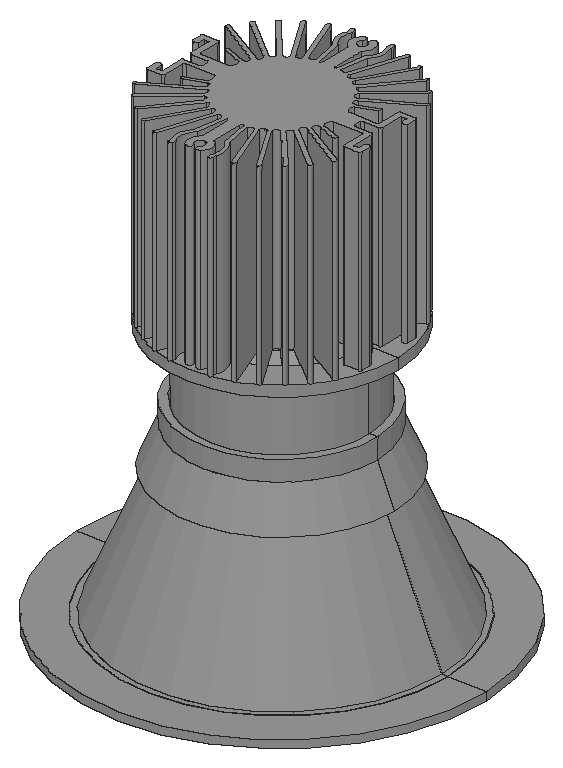
Revit family "Artemide_Everything_105", category Lighting Fixtures, Revit 2018
Family settings
  Round Connector Dimension = Use Diameter
  Part Type = Normal
  Work Plane-Based = Yes
  Always vertical = Yes
  Cut with Voids When Loaded = Yes
  Light Source = Yes
  Shared = No
  Room Calculation Point = No
Parameters (values of type "Everything_105_Round_Trim_25°_3000K_White/Black_M255820")
  Wattage = 13 W
  built-in parameter 1150110 = 1 (stored number, unit not read)
  Voltage = "-"
  V_TrimlessSquare = no
  V_TrimlessRound = no
  V_TrimSquare = no
  V_TrimRound = yes
  V_Square = no
  V_Round = yes
  built-in parameter 1114217 = 1 (stored number, unit not read)
  Tilt Angle = 60.00°
  built-in parameter 1150109 = 1 (stored number, unit not read)
  built-in parameter 1150134 = (empty or 0)
  built-in parameter 1150113 = 1 (stored number, unit not read)
  Radius_RoundVoidReal = if(V_Square, 0.3 mm, Radius_RoundVoid)  # 42.5 mm
  Radius_RoundVoid = 42.5 mm
  Product Range = "Everything"
  Photometric Web File = "M255820.IES"
  Min Angle Light [instance] = 60.00°  # constant formula
  Max Height from ceiling = 0 mm
  Max Angle Light [instance] = 120.00°  # constant formula
  M_TrimlessElement = Artemide_Aluminum_Anodized
  M_Trim = Artemide_Aluminum_White
  M_StructuralHousing = Artemide_Aluminum_Black
  M_Louvre = Artemide_Aluminum_Black
  M_HousingLed = Artemide_Aluminum_Black
  M_Diffuser = Artemide_Glass_LightBulb
  built-in parameter 1150105 = 68.246 (stored number, unit not read)
  Lumens = 857.61 lm
  built-in parameter 1150115 = 1 (stored number, unit not read)
  built-in parameter 1150137 = (empty or 0)
  built-in parameter 1150139 = (empty or 0)
  built-in parameter 1150112 = 1 (stored number, unit not read)
  built-in parameter 1150114 = 1 (stored number, unit not read)
  built-in parameter 1150132 = (empty or 0)
  built-in parameter 1150102 = (empty or 0)
  built-in parameter 1150107 = 3000 (stored number, unit not read)
  built-in parameter 1150138 = (empty or 0)
  built-in parameter 1150106 = 0.68246 (stored number, unit not read)
  IfcExportType = "NOT DEFINED"  # constant formula
  IfcExportAs = "IfcLightFixtureType"  # constant formula
  Weekly = "-"
  Warranty ID = "https://cloud.artemide.com/5-years-warranty"
  Upward Component  = 0
  Unified Glare Rating  = "-"
  Uniclass 2015 = "Pr_70_70_48"  # constant formula
  URL to O&M Manual = "https://www.artemide.com/contents/documenti/prodotto/everything_105_trim_instructions4838272.pdf"
  URL to Energy Technology List = "-"
  Trim Material = "Aluminium"
  Trim Finish = "Painted"
  Trim Colour  = "Black"
  Total Power = 0
  Total Light Output  = 0
  Testing method = "-"
  Supply Phase = 0
  Suitable for Photocell Control = "-"
  Suitable for Motion Detector Control = "N"
  Suitable for Dimming  = "-"
  Suitable Dimmer Type = "-"
  Standards = "-"
  Shipping Weight = 0
  Service life  = "-"
  Secondary Rated Lamp Life = 0
  Secondary Lamp Voltage = 0
  Secondary Lamp International Type Code = "-"
  Secondary Lamp Initial Lumens  = 0
  Secondary Lamp Included = "-"
  Secondary Lamp Efficacy = 0
  Secondary Lamp Colour Temperature = 0
  Secondary Lamp Colour Rendering Index = 0
  Secondary Lamp Cap = "-"
  Secondary Lamp = "N"
  Responsible Sourcing of Materials = "-"
  Responsible Extraction of Materials = "-"
  Reflector Material = "-"
  Reflector Finish = "-"
  Rated Lamp Life = 50000
  Quarterly = "-"
  Product Model Number = "M255820"
  Product Literature = "https://www.artemide.com/it/subfamily/2433436/everything-105-trim"
  Primary Lamp Type = "LED"
  Power Supply Kit = "-"
  Power Factor = 0
  Photocell = "-"
  Overall Width = 0
  Overall Light Output Ratio = 0
  Overall Length = 105
  Overall Height = 130
  Output Lumens Indirect light = 0
  Output Lumens Direct light = 858
  Number of Secondary Lamps = 0
  Number of Primary Lamps = 1
  Number of Poles = 0
  Motion Sensor = "-"
  Motion Detector = "-"
  Monthly = "-"
  Minimum Operating Temperature = 0
  Maximum Operating Temperature = 0
  Material Ingredient Reporting = "-"
  Manufacturer Website = "https://www.artemide.com"
  Manufacturer = "Artemide"
  Maintenance Required: 8001-12000hrs  = "-"
  Maintenance Required: 601-1000hrs = "-"
  Maintenance Required: 4001-8000hrs  = "-"
  Maintenance Required: 301-600hrs  = "-"
  Maintenance Required: 2001-4000hrs  = "-"
  Maintenance Required: 1001-2000hrs  = "-"
  Maintenance Required: 0-300hrs  = "-"
  Luminance at 65deg Angle = 0
  Luminaire Type = "Floodlight"
  Luminaire Maintenance Factor = 0
  Luminaire Cleaning Interval  = "-"
  Louvre/Lens = "-"
  Location of Manufacturer = "-"
  Light Output Pattern = "-"
  Light Fixture Mounting Type = "Recessed"
  Life Cycle Analysis = "-"
  Lamp Survival Factor = "-"
  Lamp Replacement Interval = "-"
  Lamp Included = "Y"
  Lamp Holder Material = "-"
  Lamp Cap = "LED Integrated"
  LED lifetime = 50000
  LED Maintained Colour Variation         = 0
  LED Initial Colour Variation                      = 0
  International Type Code = "-"
  Intended Market = "Unset"
  Integral Fuse or Circuit Protection  = "-"
  Integral Emergency Lighting Battery Type = "-"
  Input Lumens Indirect light = 0
  Input Lumens Direct light = 1390
  Initial Lumens = 858
  Infills = "-"
  IP Rating = "IP20/44"
  IK Rating = "-"
  IES Files  = "https://www.artemide.com/product/downloadFile/2435009/ieseu/4916585"
  Housing Material = "Aluminium"
  Housing Finish  = "Painted"
  Housing Colour  = "White"
  Hazardous Area Protection Type = "-"
  Hazardous Area Category = "-"
  Gross Weight = 0
  Green Guide for Specification = "-"
  Gasket Material = "-"
  Frequency  = 0
  Fixings = "-"
  Fixing Material = "-"
  Fire Shroud = "-"
  Fire Rating Duration = 0
  Fire Rated Temperature = 0
  Fire Rated = "-"
  Features = "Any additional components/accessories included in this file are required to complete the product/configuration and must be ordered separately.Please check the catalogue/dedicated brochure for more information"
  Face Width = 0
  Face Shape = "Round"
  Face Length = 0
  External Control Line Voltage = 0
  Expected Life = "-"
  Environmental Product Declaration = "-"
  End Caps/Transition Caps/Joints = "-"
  Emit from Circle Diameter = 37.9 mm
  Emit Shape Visible in Rendering = no
  Emergency light output percentage = 0
  Emergency Lighting Battery = "-"
  Emergency Charging Power       = 0
  Emergency = "N"
  Embodied Carbon  = 0
  Efficiency = 62
  built-in parameter 1150104 = 6.1288 (stored number, unit not read)
  Earth Point  = "-"
  ENEC Certification of European conformity = "N"
  Duration of Integral Emergency Lighting  = 0
  Drive Current                                          = 0
  Downward Component = 0
  Distance_SquareVoidReal = if(V_Round, 0.8 mm, Distance_SquareVoid)  # 0.8 mm
  Distance_SquareVoid = 85 mm
  Dimming Lamp Color Temperature Shift = <None>
  Diffusing screen = "-"
  Diffuser Material  = "-"
  Diffuser Finish = "-"
  Designed by = "Ernesto Gismondi"
  Default Elevation = 1219.2 mm
  Daylight Sensor = "-"
  Daily = "-"
  Cut Out Width = 80
  Cut Out Length = 130
  Current  = 0
  Control Gear Type = "-"
  Control Gear Standby Power  = 0
  Control Gear Required = "-"
  Control Gear Location = "-"
  Column = "-"
  Colour Temperature = 3000
  Colour Rendering Index = 90
  Color Filter = 16777215
  Cable Material = "-"
  CE Approval = "Y"
  Bespoke Timeframe = "-"
  Beam Angle Transverse Axis  = 0.00°
  Beam Angle Longditudinal Axis  = 0.00°
  Basis of lifetime luminaire failures        = 0
  Basis of lifetime lumen depreciation   = 0
  built-in parameter 1114218 = 1 (stored number, unit not read)
  built-in parameter 1150133 = 10 (stored number, unit not read)
  Application Environment = "Internal"
  Annually = "-"
  Angle_LightReal [instance] = if(not(Adjustable), 90.00°, Angle_LightRange)  # 90.00°
  Angle_LightRange [instance] = if(Angle_Light < Angle_LightMin, Min Angle Light, if(Angle_Light > Angle_LightMax, Max Angle Light, Angle_Light))  # 60.00°
  Angle_LightMin [instance] = Angle_LightMax - 60.00°  # 60.00°
  Angle_LightMax [instance] = 120.00°  # constant formula
  Angle_LightFixed [instance] = 90.00°  # constant formula
  Angle_Light [instance] = 60.00°
  Ambient Temperature                             = 0
  Air Handling = "-"
  Adjustable = no
  Access Clearance Top = 0
  Access Clearance Right = 0
  Access Clearance Rear = 0
  Access Clearance Left = 0
  Access Clearance Front = 0
  Access Clearance Bottom = 0
  6 Monthly = "-"
Reference planes
  plane 1 "Center (Front/Back)": y = 0
  plane 2: z = 0
  plane 3 "Center (Left/Right)": x = 0
  plane 4 "Bottom Lamp": z = -2
  plane 5: z = 0
  plane 6: z = 42.25
  plane 7: z = 33.432
  plane 8: z = 48.75
  plane 9 "Light": z = 43.25
  plane 10: z = 64.5
  plane 11: z = 66
  plane 12: z = 67.25
  plane 13: z = 68.75
  plane 14: z = 118.75
  plane 15: x = -52.5
  plane 16: x = -42.5
  plane 17: x = -39.858
  plane 18: x = -24.75
  plane 19: x = -22.75
  plane 20: x = -18.936
  plane 21: x = -22.325
  plane 22: x = -20.325
  plane 23: x = 52.5
  plane 24: x = 42.5
  plane 25: x = 39.858
  plane 26: x = 24.75
  plane 27: x = 22.75
  plane 28: x = 18.936
  plane 29: x = 22.325
  plane 30: x = 20.325
  plane 31: x = -66
  plane 32: x = -39
  plane 33: x = -38.209
  plane 34: x = -36.25
  plane 35: x = -37.924
  plane 36: x = 66
  plane 37: x = 39
  plane 38: x = 38.209
  plane 39: x = 36.25
  plane 40: x = 37.924
  plane 41: z = 2.8
  plane 42: z = 23.002
  plane 43: z = 35
  plane 44: z = 21
  plane 45: y = 39.9
  plane 46: y = -39.9
  plane 47: z = 38.7
  plane 48: y = 24.336
  plane 49: y = -24.336
  plane 50: x = -24.294
  plane 51: x = 24.294
  plane 52: y = 41.179
  plane 53: y = 43.806
  plane 54: y = 66
  plane 55 "Void": y = 0.4
  plane 56 "Void 2": y = -0.4
  plane 57 "Void 3": x = -0.4
  plane 58 "Void 4": x = 0.4
  plane 59: z = 2
Forms (mm)
  Revolve 1, solid, material "Artemide_Aluminum_Black" <- "M_Louvre", visible <- "V_Round"
    sketch origin (0, 0, 0) x (1, 0, 0) y (0, 0, 1)
      loop
        line (-42.5, 0) -> (-42.5, -2) -> (-39.858, -2) -> (-20.75, 42.25) -> (-22.711, 42.25) -> (-40.955, 0) -> (-42.5, 0)
      axis (0, 42.25) -> (0, -2)
    angle from 0 to 360
  Revolve 2, solid, material "Artemide_Aluminum_White" <- "M_Trim", visible <- "V_TrimRound"
    sketch origin (0, 0, 0) x (1, 0, 0) y (0, 0, 1)
      loop
        line (-52.5, 0) -> (-52.5, -2) -> (-42.5, -2) -> (-42.5, 0) -> (-52.5, 0)
      axis (0, 0) -> (0, -2)
    angle from 0 to 360
  Revolve 3, solid, material "Artemide_Aluminum_Black" <- "M_Louvre", visible <- "V_Round"
    sketch origin (0, 0, 0) x (1, 0, 0) y (0, 0, 1)
      loop
        line (-24.75, 48.75) -> (-24.75, 43.586) -> (-29.154, 33.432) -> (-27.501, 33.432) -> (-23.693, 42.25) -> (-22.75, 42.25) -> (-22.75, 48.75) -> (-24.75, 48.75)
      axis (0, 48.75) -> (0, 33.432)
    angle from 0 to 360
  Revolve 4, solid, material "Artemide_Aluminum_Black" <- "M_HousingLed"
    sketch origin (0, 0, 0) x (1, 0, 0) y (0, 0, 1)
      loop
        line (-30, 68.75) -> (-30, 66) -> (-22.325, 66) -> (-22.325, 42.25) -> (-18.936, 42.25) -> (-18.936, 48.75)
        arc (-18.936, 48.75) -> (-16.73, 57.655) -> (-10.621, 64.5) r 19.074
        line (-10.621, 64.5) -> (0, 64.5) -> (0, 66) -> (-11.07, 66)
        arc (-11.07, 66) -> (-17.304, 59.74) -> (-20.325, 51.437) r 20.503
        line (-20.325, 51.437) -> (-20.325, 67.25) -> (-22.325, 67.25) -> (-22.325, 68.75) -> (-30, 68.75)
      axis (0, 68.75) -> (0, 42.25)
    angle from 0 to 360
  Revolve 5, solid, material "Artemide_Glass_LightBulb" <- "M_Diffuser"
    sketch origin (0, 0, 0) x (1, 0, 0) y (0, 0, 1)
      loop
        line (-18.936, 43.25) -> (-18.936, 42.25) -> (0, 42.25) -> (0, 43.25) -> (-18.936, 43.25)
      axis (0, 43.25) -> (0, 42.25)
    angle from 0 to 360
  Extrusion 6, solid, material "Artemide_Aluminum_Black" <- "M_StructuralHousing"
    sketch origin (0, 0, 0) x (1, 0, 0) y (0, 1, 0)
      loop
        arc (-0.809, 26.953) -> (-0.708, 28.186) -> (-1.941, 28.287) r 0.875
        arc (-1.941, 28.287) -> (-2.988, 25.73) -> (-1.5, 23.402) r 3
        line (-1.5, 23.402) -> (-1.5, 15.462)
        arc (-1.5, 15.462) -> (-1.679, 15.03) -> (-2.111, 14.851) r 0.611
        line (-2.111, 14.851) -> (-3.436, 22.368)
        arc (-3.436, 22.368) -> (-4.924, 25.132) -> (-4.471, 28.238) r 5
        line (-4.471, 28.238) -> (-4.63, 29.139)
        arc (-4.63, 29.139) -> (-5.209, 29.544) -> (-5.615, 28.965) r 0.5
        line (-5.615, 28.965) -> (-5.615, 28.115)
        arc (-5.615, 28.115) -> (-5.883, 24.821) -> (-4.367, 21.885) r 6
        line (-4.367, 21.885) -> (-3.178, 15.146)
        arc (-3.178, 15.146) -> (-3.894, 14.532) -> (-4.82, 14.706) r 1.089
        line (-4.82, 14.706) -> (-9.62, 27.892)
        arc (-9.62, 27.892) -> (-10.261, 28.191) -> (-10.559, 27.549) r 0.5
        line (-10.559, 27.549) -> (-5.812, 14.505)
        arc (-5.812, 14.505) -> (-6.195, 13.451) -> (-7.301, 13.645) r 0.873
        line (-7.301, 13.645) -> (-14.317, 25.797)
        arc (-14.317, 25.797) -> (-15, 25.981) -> (-15.183, 25.298) r 0.5
        line (-15.183, 25.298) -> (-8.167, 13.145)
        arc (-8.167, 13.145) -> (-8.53, 12.182) -> (-9.559, 12.17) r 0.912
        line (-9.559, 12.17) -> (-18.579, 22.92)
        arc (-18.579, 22.92) -> (-19.284, 22.981) -> (-19.345, 22.277) r 0.5
        line (-19.345, 22.277) -> (-10.325, 11.528)
        arc (-10.325, 11.528) -> (-10.678, 10.678) -> (-11.528, 10.325) r 1.202
        line (-11.528, 10.325) -> (-22.277, 19.345)
        arc (-22.277, 19.345) -> (-22.981, 19.284) -> (-22.92, 18.579) r 0.5
        line (-22.92, 18.579) -> (-12.17, 9.559)
        arc (-12.17, 9.559) -> (-11.899, 8.546) -> (-12.759, 7.943) r 0.915
        line (-12.759, 7.943) -> (-25.298, 15.183)
        arc (-25.298, 15.183) -> (-25.981, 15) -> (-25.798, 14.317) r 0.5
        line (-25.798, 14.317) -> (-13.645, 7.301)
        arc (-13.645, 7.301) -> (-13.451, 6.195) -> (-14.505, 5.812) r 0.873
        line (-14.505, 5.812) -> (-19.33, 7.567)
        arc (-19.33, 7.567) -> (-19.97, 7.268) -> (-19.671, 6.628) r 0.5
        line (-19.671, 6.628) -> (-14.706, 4.82)
        arc (-14.706, 4.82) -> (-14.548, 3.572) -> (-15.207, 2.5) r 1.896
        line (-15.207, 2.5) -> (-22.5, 2.5)
        arc (-22.5, 2.5) -> (-22.854, 2.646) -> (-23, 3) r 0.5
        line (-23, 3) -> (-23, 8.5)
        arc (-23, 8.5) -> (-23.146, 8.854) -> (-23.5, 9) r 0.5
        line (-23.5, 9) -> (-27, 9)
        arc (-27, 9) -> (-27.354, 8.854) -> (-27.5, 8.5) r 0.5
        line (-27.5, 8.5) -> (-27.5, 6)
        arc (-27.5, 6) -> (-26.75, 5.459) -> (-26, 6) r 0.791
        line (-26, 6) -> (-26, 7.5) -> (-24.5, 7.5) -> (-24.5, 1.75)
        arc (-24.5, 1.75) -> (-24.354, 1.396) -> (-24, 1.25) r 0.5
        line (-24, 1.25) -> (-20, 1.25)
        arc (-20, 1.25) -> (-19.646, 1.104) -> (-19.5, 0.75) r 0.5
        line (-19.5, 0.75) -> (-19.5, -0.75)
        arc (-19.5, -0.75) -> (-19.646, -1.104) -> (-20, -1.25) r 0.5
        line (-20, -1.25) -> (-24, -1.25)
        arc (-24, -1.25) -> (-24.354, -1.396) -> (-24.5, -1.75) r 0.5
        line (-24.5, -1.75) -> (-24.5, -7.5) -> (-26, -7.5) -> (-26, -6)
        arc (-26, -6) -> (-26.75, -5.459) -> (-27.5, -6) r 0.791
        line (-27.5, -6) -> (-27.5, -8.5)
        arc (-27.5, -8.5) -> (-27.354, -8.854) -> (-27, -9) r 0.5
        line (-27, -9) -> (-23.5, -9)
        arc (-23.5, -9) -> (-23.146, -8.854) -> (-23, -8.5) r 0.5
        line (-23, -8.5) -> (-23, -3)
        arc (-23, -3) -> (-22.854, -2.646) -> (-22.5, -2.5) r 0.5
        line (-22.5, -2.5) -> (-15.207, -2.5)
        arc (-15.207, -2.5) -> (-14.548, -3.572) -> (-14.706, -4.82) r 1.896
        line (-14.706, -4.82) -> (-19.671, -6.628)
        arc (-19.671, -6.628) -> (-19.97, -7.268) -> (-19.33, -7.567) r 0.5
        line (-19.33, -7.567) -> (-14.505, -5.812)
        arc (-14.505, -5.812) -> (-13.451, -6.195) -> (-13.645, -7.301) r 0.873
        line (-13.645, -7.301) -> (-25.798, -14.317)
        arc (-25.798, -14.317) -> (-25.981, -15) -> (-25.298, -15.183) r 0.5
        line (-25.298, -15.183) -> (-12.733, -7.929)
        arc (-12.733, -7.929) -> (-11.876, -8.529) -> (-12.147, -9.54) r 0.912
        line (-12.147, -9.54) -> (-22.92, -18.579)
        arc (-22.92, -18.579) -> (-22.981, -19.284) -> (-22.277, -19.345) r 0.5
        line (-22.277, -19.345) -> (-11.528, -10.325)
        arc (-11.528, -10.325) -> (-10.678, -10.678) -> (-10.325, -11.528) r 1.202
        line (-10.325, -11.528) -> (-19.345, -22.277)
        arc (-19.345, -22.277) -> (-19.284, -22.981) -> (-18.579, -22.92) r 0.5
        line (-18.579, -22.92) -> (-9.559, -12.17)
        arc (-9.559, -12.17) -> (-8.53, -12.182) -> (-8.167, -13.145) r 0.912
        line (-8.167, -13.145) -> (-15.183, -25.298)
        arc (-15.183, -25.298) -> (-15, -25.981) -> (-14.317, -25.797) r 0.5
        line (-14.317, -25.797) -> (-7.301, -13.645)
        arc (-7.301, -13.645) -> (-6.195, -13.451) -> (-5.812, -14.505) r 0.873
        line (-5.812, -14.505) -> (-10.559, -27.549)
        arc (-10.559, -27.549) -> (-10.261, -28.191) -> (-9.62, -27.892) r 0.5
        line (-9.62, -27.892) -> (-4.82, -14.706)
        arc (-4.82, -14.706) -> (-3.894, -14.532) -> (-3.178, -15.146) r 1.089
        line (-3.178, -15.146) -> (-4.367, -21.885)
        arc (-4.367, -21.885) -> (-5.883, -24.821) -> (-5.615, -28.115) r 6
        line (-5.615, -28.115) -> (-5.615, -28.965)
        arc (-5.615, -28.965) -> (-5.209, -29.544) -> (-4.63, -29.139) r 0.5
        line (-4.63, -29.139) -> (-4.471, -28.238)
        arc (-4.471, -28.238) -> (-4.924, -25.132) -> (-3.436, -22.368) r 5
        line (-3.436, -22.368) -> (-2.111, -14.851)
        arc (-2.111, -14.851) -> (-1.679, -15.03) -> (-1.5, -15.462) r 0.611
        line (-1.5, -15.462) -> (-1.5, -23.402)
        arc (-1.5, -23.402) -> (-2.988, -25.73) -> (-1.941, -28.287) r 3
        arc (-1.941, -28.287) -> (-0.708, -28.186) -> (-0.809, -26.953) r 0.875
        arc (-0.809, -26.953) -> (0, -24.75) -> (0.809, -26.953) r 1.25
        arc (0.809, -26.953) -> (0.708, -28.186) -> (1.941, -28.287) r 0.875
        arc (1.941, -28.287) -> (2.988, -25.73) -> (1.5, -23.402) r 3
        line (1.5, -23.402) -> (1.5, -15.462)
        arc (1.5, -15.462) -> (1.679, -15.03) -> (2.111, -14.851) r 0.611
        line (2.111, -14.851) -> (3.436, -22.368)
        arc (3.436, -22.368) -> (4.924, -25.132) -> (4.471, -28.238) r 5
        line (4.471, -28.238) -> (4.63, -29.139)
        arc (4.63, -29.139) -> (5.209, -29.544) -> (5.615, -28.965) r 0.5
        line (5.615, -28.965) -> (5.615, -28.115)
        arc (5.615, -28.115) -> (5.883, -24.821) -> (4.367, -21.885) r 6
        line (4.367, -21.885) -> (3.178, -15.146)
        arc (3.178, -15.146) -> (3.894, -14.532) -> (4.82, -14.706) r 1.089
        line (4.82, -14.706) -> (9.62, -27.892)
        arc (9.62, -27.892) -> (10.261, -28.191) -> (10.559, -27.549) r 0.5
        line (10.559, -27.549) -> (5.812, -14.505)
        arc (5.812, -14.505) -> (6.195, -13.451) -> (7.301, -13.645) r 0.873
        line (7.301, -13.645) -> (14.317, -25.797)
        arc (14.317, -25.797) -> (15, -25.981) -> (15.183, -25.298) r 0.5
        line (15.183, -25.298) -> (8.167, -13.145)
        arc (8.167, -13.145) -> (8.53, -12.182) -> (9.559, -12.17) r 0.912
        line (9.559, -12.17) -> (18.579, -22.92)
        arc (18.579, -22.92) -> (19.284, -22.981) -> (19.345, -22.277) r 0.5
        line (19.345, -22.277) -> (10.325, -11.528)
        arc (10.325, -11.528) -> (10.678, -10.678) -> (11.528, -10.325) r 1.202
        line (11.528, -10.325) -> (22.277, -19.345)
        arc (22.277, -19.345) -> (22.981, -19.284) -> (22.92, -18.579) r 0.5
        line (22.92, -18.579) -> (12.147, -9.54)
        arc (12.147, -9.54) -> (11.876, -8.529) -> (12.733, -7.929) r 0.912
        line (12.733, -7.929) -> (25.298, -15.183)
        arc (25.298, -15.183) -> (25.981, -15) -> (25.798, -14.317) r 0.5
        line (25.798, -14.317) -> (13.645, -7.301)
        arc (13.645, -7.301) -> (13.451, -6.195) -> (14.505, -5.812) r 0.873
        line (14.505, -5.812) -> (19.33, -7.567)
        arc (19.33, -7.567) -> (19.97, -7.268) -> (19.671, -6.628) r 0.5
        line (19.671, -6.628) -> (14.706, -4.82)
        arc (14.706, -4.82) -> (14.548, -3.572) -> (15.207, -2.5) r 1.896
        line (15.207, -2.5) -> (22.5, -2.5)
        arc (22.5, -2.5) -> (22.854, -2.646) -> (23, -3) r 0.5
        line (23, -3) -> (23, -8.5)
        arc (23, -8.5) -> (23.146, -8.854) -> (23.5, -9) r 0.5
        line (23.5, -9) -> (27, -9)
        arc (27, -9) -> (27.354, -8.854) -> (27.5, -8.5) r 0.5
        line (27.5, -8.5) -> (27.5, -6)
        arc (27.5, -6) -> (26.75, -5.459) -> (26, -6) r 0.791
        line (26, -6) -> (26, -7.5) -> (24.5, -7.5) -> (24.5, -1.75)
        arc (24.5, -1.75) -> (24.354, -1.396) -> (24, -1.25) r 0.5
        line (24, -1.25) -> (20, -1.25)
        arc (20, -1.25) -> (19.646, -1.104) -> (19.5, -0.75) r 0.5
        line (19.5, -0.75) -> (19.5, 0.75)
        arc (19.5, 0.75) -> (19.646, 1.104) -> (20, 1.25) r 0.5
        line (20, 1.25) -> (24, 1.25)
        arc (24, 1.25) -> (24.354, 1.396) -> (24.5, 1.75) r 0.5
        line (24.5, 1.75) -> (24.5, 7.5) -> (26, 7.5) -> (26, 6)
        arc (26, 6) -> (26.75, 5.459) -> (27.5, 6) r 0.791
        line (27.5, 6) -> (27.5, 8.5)
        arc (27.5, 8.5) -> (27.354, 8.854) -> (27, 9) r 0.5
        line (27, 9) -> (23.5, 9)
        arc (23.5, 9) -> (23.146, 8.854) -> (23, 8.5) r 0.5
        line (23, 8.5) -> (23, 3)
        arc (23, 3) -> (22.854, 2.646) -> (22.5, 2.5) r 0.5
        line (22.5, 2.5) -> (15.207, 2.5)
        arc (15.207, 2.5) -> (14.548, 3.572) -> (14.706, 4.82) r 1.896
        line (14.706, 4.82) -> (19.671, 6.628)
        arc (19.671, 6.628) -> (19.97, 7.268) -> (19.33, 7.567) r 0.5
        line (19.33, 7.567) -> (14.505, 5.812)
        arc (14.505, 5.812) -> (13.451, 6.195) -> (13.645, 7.301) r 0.873
        line (13.645, 7.301) -> (25.798, 14.317)
        arc (25.798, 14.317) -> (25.981, 15) -> (25.298, 15.183) r 0.5
        line (25.298, 15.183) -> (12.759, 7.943)
        arc (12.759, 7.943) -> (11.899, 8.546) -> (12.17, 9.559) r 0.915
        line (12.17, 9.559) -> (22.92, 18.579)
        arc (22.92, 18.579) -> (22.981, 19.284) -> (22.277, 19.345) r 0.5
        line (22.277, 19.345) -> (11.528, 10.325)
        arc (11.528, 10.325) -> (10.678, 10.678) -> (10.325, 11.528) r 1.202
        line (10.325, 11.528) -> (19.345, 22.277)
        arc (19.345, 22.277) -> (19.284, 22.981) -> (18.579, 22.92) r 0.5
        line (18.579, 22.92) -> (9.559, 12.17)
        arc (9.559, 12.17) -> (8.53, 12.182) -> (8.167, 13.145) r 0.912
        line (8.167, 13.145) -> (15.183, 25.298)
        arc (15.183, 25.298) -> (15, 25.981) -> (14.317, 25.797) r 0.5
        line (14.317, 25.797) -> (7.301, 13.645)
        arc (7.301, 13.645) -> (6.195, 13.451) -> (5.812, 14.505) r 0.873
        line (5.812, 14.505) -> (10.559, 27.549)
        arc (10.559, 27.549) -> (10.261, 28.191) -> (9.62, 27.892) r 0.5
        line (9.62, 27.892) -> (4.82, 14.706)
        arc (4.82, 14.706) -> (3.894, 14.532) -> (3.178, 15.146) r 1.089
        line (3.178, 15.146) -> (4.367, 21.885)
        arc (4.367, 21.885) -> (5.883, 24.821) -> (5.615, 28.115) r 6
        line (5.615, 28.115) -> (5.615, 28.965)
        arc (5.615, 28.965) -> (5.209, 29.544) -> (4.63, 29.139) r 0.5
        line (4.63, 29.139) -> (4.471, 28.238)
        arc (4.471, 28.238) -> (4.924, 25.132) -> (3.436, 22.368) r 5
        line (3.436, 22.368) -> (2.111, 14.851)
        arc (2.111, 14.851) -> (1.679, 15.03) -> (1.5, 15.462) r 0.611
        line (1.5, 15.462) -> (1.5, 23.402)
        arc (1.5, 23.402) -> (2.988, 25.73) -> (1.941, 28.287) r 3
        arc (1.941, 28.287) -> (0.708, 28.186) -> (0.809, 26.953) r 0.875
        arc (0.809, 26.953) -> (0, 24.75) -> (-0.809, 26.953) r 1.25
    from 68.75 to 118.75
  Revolve 7, solid, material "Artemide_Aluminum_Anodized" <- "M_TrimlessElement", visible <- "V_TrimlessRound"
    sketch origin (0, 0, 0) x (1, 0, 0) y (0, 0, 1)
      loop
        line (-66, 2) -> (-41.316, 2) -> (-37.924, 12.838) -> (-37.924, 21) -> (-36.25, 21) -> (-36.25, 22) -> (-37.252, 23.002) -> (-38.209, 23.002) -> (-38.209, 35) -> (-39, 35) -> (-39, 23.002) -> (-39.858, 23.002) -> (-39.858, 13.371) -> (-42.965, 4.835) -> (-45, 2.8) -> (-66, 2.8) -> (-66, 2)
      axis (0, 35) -> (0, 2)
    angle from 0 to 360
  Sweep 8, solid, material "Artemide_Aluminum_Black" <- "M_Louvre", visible <- "V_Square"
    path origin (-52.5, -1524, -2) x (-1, 0, 0) y (0, -1, 0)
      loop
        line (-12.642, -1563.9) -> (-12.642, -1484.1) -> (-92.358, -1484.1) -> (-92.358, -1563.9) -> (-12.642, -1563.9)
    profile origin (0, 39.9, -2) x (0, 1, 0) y (0, 0, 1)
      loop
        line (-0.15, 0) -> (2.6, 0) -> (2.6, 2) -> (1.465, 2)
        arc (1.465, 2) -> (-3.385, 22.963) -> (-15.564, 40.7) r 57.812
        line (-15.564, 40.7) -> (-18.221, 40.7)
        arc (-18.221, 40.7) -> (-5.149, 22.142) -> (-0.15, 0) r 58.336
  Sweep 9, solid, material "Artemide_Aluminum_White" <- "M_Trim", visible <- "V_TrimSquare"
    path origin (-52.5, -1524, -2) x (-1, 0, 0) y (0, -1, 0)
      loop
        line (-12.642, -1563.9) -> (-12.642, -1484.1) -> (-92.358, -1484.1) -> (-92.358, -1563.9) -> (-12.642, -1563.9)
    profile origin (0, 39.9, -2) x (0, 1, 0) y (0, 0, 1)
      loop
        line (12.6, 0) -> (12.6, 2) -> (2.6, 2) -> (2.6, 0) -> (12.6, 0)
  Extrusion 10, solid, material "Artemide_Aluminum_Black" <- "M_Louvre", visible <- "V_Square"
    sketch origin (-52.5, -1524, -2) x (-1, 0, 0) y (0, -1, 0)
      loop
        line (-28.206, -1548.336) -> (-28.206, -1499.664) -> (-76.794, -1499.664) -> (-76.794, -1548.336) -> (-28.206, -1548.336)
      loop
        circle (-52.5, -1524) r 18.936
    from 40.7 to 44.25
  Sweep 11, solid, material "Artemide_Aluminum_Anodized" <- "M_TrimlessElement", visible <- "V_TrimlessSquare"
    path origin (-52.5, -1524, -2) x (-1, 0, 0) y (0, -1, 0)
      loop
        line (-12.642, -1563.9) -> (-12.642, -1484.1) -> (-92.358, -1484.1) -> (-92.358, -1563.9) -> (-12.642, -1563.9)
    profile origin (0, 39.9, -2) x (0, 1, 0) y (0, 0, 1)
      loop
        line (26.1, 4) -> (26.1, 4.8) -> (5.6, 4.8) -> (3.906, 6.494) -> (3.906, 40.7) -> (1.279, 40.7) -> (1.919, 4) -> (26.1, 4)
  Extrusion 12, void
    sketch origin (-52.5, -1524, -2) x (-1, 0, 0) y (0, -1, 0)
      loop
        circle (-52.5, -1524) r 42.5
    from 2 to 120.75
  Extrusion 13, void
    sketch origin (-52.5, -1524, -2) x (-1, 0, 0) y (0, -1, 0)
      loop
        line (-52.1, -1524.4) -> (-52.1, -1523.6) -> (-52.9, -1523.6) -> (-52.9, -1524.4) -> (-52.1, -1524.4)
    from 2 to 120.75
Cuts and joins
  joined: Sweep 8, Extrusion 10
Dimensions and locks
  locked: plane 5 to plane 4 "Bottom Lamp" at 2
  locked: plane 14 to plane 5 at 118.75
  plane 14 to plane 13 to plane 12 to plane 11 to plane 10 to plane 8 to plane 9 "Light" to plane 6 to plane 43 to plane 7 to plane 42 to plane 44 to plane 41 to plane 59 = 50 mm locked, 1.5 mm locked, 1.25 mm locked, 1.5 mm locked, 15.75 mm locked, 5.5 mm locked, 1 mm locked, 7.25 mm locked, 1.568 mm locked, 10.429 mm locked, 2.002 mm locked, 18.2 mm locked, 0.8 mm locked
  plane 3 "Center (Left/Right)" to plane 20 to plane 22 to plane 21 to plane 19 to plane 18 to plane 34 to plane 35 to plane 33 to plane 32 to plane 17 to plane 16 to plane 15 to plane 31 = 18.936 mm locked, 1.389 mm locked, 2 mm locked, 0.425 mm locked, 2 mm locked, 11.5 mm locked, 1.674 mm locked, 0.286 mm locked, 0.791 mm locked, 0.858 mm locked, 2.642 mm locked, 10 mm locked, 13.5 mm locked
  plane 3 "Center (Left/Right)" to plane 28 to plane 30 to plane 29 to plane 27 to plane 26 to plane 39 to plane 40 to plane 38 to plane 37 to plane 25 to plane 24 to plane 23 to plane 36 = 18.936 mm locked, 1.389 mm locked, 2 mm locked, 0.425 mm locked, 2 mm locked, 11.5 mm locked, 1.674 mm locked, 0.286 mm locked, 0.791 mm locked, 0.858 mm locked, 2.642 mm locked, 10 mm locked, 13.5 mm locked
  plane 45 to plane 48 to plane 1 "Center (Front/Back)" = 15.564 mm locked, 24.336 mm locked
  plane 46 to plane 49 to plane 1 "Center (Front/Back)" = 15.564 mm locked, 24.336 mm locked
  locked: plane 47 to level at 38.7
  locked: plane 50 to plane 3 "Center (Left/Right)" at 24.294
  locked: plane 51 to plane 3 "Center (Left/Right)" at 24.294
  plane 54 to plane 53 to plane 52 to plane 1 "Center (Front/Back)" = 22.194 mm locked, 2.627 mm locked, 41.179 mm locked
  equal spacing: plane 56 "Void 2", plane 1 "Center (Front/Back)", plane 55 "Void"
  "Distance_SquareVoidReal": plane 55 "Void" to plane 56 "Void 2"
  equal spacing: plane 57 "Void 3", plane 3 "Center (Left/Right)", plane 58 "Void 4"
  "Distance_SquareVoidReal": plane 57 "Void 3" to plane 58 "Void 4"
  "Radius_RoundVoidReal": radius of Extrusion 12 sketch curve
  aligned and locked: level to plane 2
  aligned and locked: plane 6 to Revolve 1 sketch curve
  aligned and locked: Revolve 1 sketch curve to plane 5
  aligned and locked: Revolve 1 sketch curve to plane 4 "Bottom Lamp"
  aligned and locked: plane 16 to Revolve 1 sketch curve
  aligned and locked: Revolve 1 sketch curve to plane 3 "Center (Left/Right)"
  aligned and locked: Revolve 2 sketch curve to plane 15
  aligned and locked: Revolve 2 sketch curve to plane 5
  aligned and locked: plane 16 to Revolve 2 sketch curve
  aligned and locked: plane 4 "Bottom Lamp" to Revolve 2 sketch curve
  aligned and locked: Revolve 2 sketch curve to plane 3 "Center (Left/Right)"
  aligned and locked: Revolve 3 sketch curve to plane 8
  aligned and locked: plane 19 to Revolve 3 sketch curve
  aligned and locked: plane 6 to Revolve 3 sketch curve
  aligned and locked: plane 7 to Revolve 3 sketch curve
  aligned and locked: Revolve 3 sketch curve to plane 18
  aligned and locked: Revolve 3 sketch curve to plane 3 "Center (Left/Right)"
  aligned and locked: plane 13 to Revolve 4 sketch curve
  aligned and locked: Revolve 4 sketch curve to plane 21
  aligned and locked: plane 12 to Revolve 4 sketch curve
  aligned and locked: Revolve 4 sketch curve to plane 22
  aligned and locked: plane 11 to Revolve 4 sketch curve
  aligned and locked: plane 3 "Center (Left/Right)" to Revolve 4 sketch curve
  aligned and locked: Revolve 4 sketch curve to plane 10
  aligned and locked: Revolve 4 sketch curve to plane 20
  aligned and locked: Revolve 4 sketch curve to plane 6
  aligned and locked: plane 21 to Revolve 4 sketch curve
  aligned and locked: Revolve 4 sketch curve to plane 11
  aligned and locked: Revolve 4 sketch curve to plane 3 "Center (Left/Right)"
  aligned and locked: Revolve 5 sketch curve to plane 20
  aligned and locked: Revolve 5 sketch curve to plane 9 "Light"
  aligned and locked: Revolve 5 sketch curve to plane 3 "Center (Left/Right)"  (x2)
  aligned and locked: plane 6 to Revolve 5 sketch curve
  aligned and locked: Extrusion 6 to plane 13
  aligned and locked: plane 14 to Extrusion 6
  aligned and locked: Revolve 7 sketch curve to plane 31
  aligned and locked: Revolve 7 sketch curve to plane 41
  aligned and locked: Revolve 7 sketch curve to plane 42  (x2)
  aligned and locked: Revolve 7 sketch curve to plane 43
  aligned and locked: Revolve 7 sketch curve to plane 17
  aligned and locked: Revolve 7 sketch curve to plane 32
  aligned and locked: plane 33 to Revolve 7 sketch curve
  aligned and locked: plane 34 to Revolve 7 sketch curve
  aligned and locked: plane 44 to Revolve 7 sketch curve
  aligned and locked: plane 35 to Revolve 7 sketch curve
  aligned and locked: Revolve 7 sketch curve to plane 3 "Center (Left/Right)"
  aligned and locked: Sweep 8 sketch curve to plane 25
  aligned and locked: Sweep 8 sketch curve to plane 46
  aligned and locked: Sweep 8 sketch curve to plane 17
  aligned and locked: Sweep 8 sketch curve to plane 45
  aligned and locked: plane 4 "Bottom Lamp" to Sweep 8 sketch curve
  aligned and locked: Sweep 8 sketch curve to plane 5
  aligned and locked: Sweep 8 sketch curve to plane 47
  aligned and locked: Sweep 9 sketch curve to plane 25
  aligned and locked: Sweep 9 sketch curve to plane 46
  aligned and locked: Sweep 9 sketch curve to plane 17
  aligned and locked: Sweep 9 sketch curve to plane 45
  aligned and locked: plane 5 to Sweep 9 sketch curve
  aligned and locked: Sweep 9 sketch curve to plane 4 "Bottom Lamp"
  aligned and locked: plane 3 "Center (Left/Right)" to Extrusion 10 sketch curve
  aligned and locked: plane 1 "Center (Front/Back)" to Extrusion 10 sketch curve
  aligned and locked: Extrusion 10 sketch curve to plane 48
  aligned and locked: Extrusion 10 sketch curve to plane 50
  aligned and locked: Extrusion 10 sketch curve to plane 51
  aligned and locked: Extrusion 10 sketch curve to plane 49
  aligned and locked: Extrusion 10 to plane 47
  aligned and locked: plane 6 to Extrusion 10
  aligned and locked: Sweep 11 sketch curve to plane 25
  aligned and locked: Sweep 11 sketch curve to plane 46
  aligned and locked: Sweep 11 sketch curve to plane 17
  aligned and locked: Sweep 11 sketch curve to plane 45
  aligned and locked: Sweep 11 sketch curve to plane 54
  aligned and locked: Sweep 11 sketch curve to plane 41
  aligned and locked: Sweep 11 sketch curve to plane 53
  aligned and locked: Sweep 11 sketch curve to plane 47
  aligned and locked: plane 3 "Center (Left/Right)" to Extrusion 12 sketch curve
  aligned and locked: plane 1 "Center (Front/Back)" to Extrusion 12 sketch curve
  aligned and locked: Extrusion 12 to plane 5
  aligned and locked: plane 14 to Extrusion 12
  aligned and locked: Extrusion 13 sketch curve to plane 56 "Void 2"
  aligned and locked: Extrusion 13 sketch curve to plane 58 "Void 4"
  aligned and locked: Extrusion 13 sketch curve to plane 55 "Void"
  aligned and locked: Extrusion 13 sketch curve to plane 57 "Void 3"
  aligned and locked: Extrusion 13 to plane 5
  aligned and locked: plane 14 to Extrusion 13
  aligned and locked: imposter light to plane 9 "Light"
  aligned and locked: plane 59 to Sweep 11 sketch curve
  aligned and locked: Revolve 7 sketch curve to plane 59
  aligned and locked: plane 3 "Center (Left/Right)" to imposter light
  aligned and locked: plane 1 "Center (Front/Back)" to imposter light
Automatic sketch dimensions
  plane 17 to Revolve 1 sketch curve = 0 mm
  plane 17 to Revolve 1 sketch curve = 1.097 mm
  Revolve 1 sketch curve to plane 19 = 0.039 mm
  plane 22 to Revolve 1 sketch curve = 0.425 mm
  Revolve 1 sketch curve to plane 4 "Bottom Lamp" = 364.045 mm
  plane 14 to Revolve 1 sketch curve = 2095.565 mm
  Revolve 2 sketch curve to plane 4 "Bottom Lamp" = 364.045 mm
  plane 14 to Revolve 2 sketch curve = 2095.565 mm
  plane 18 to Revolve 3 sketch curve = 2.751 mm
  Revolve 3 sketch curve to Revolve 3 sketch curve = 1.654 mm
  Revolve 3 sketch curve to plane 50 = 0.601 mm
  plane 9 "Light" to Revolve 3 sketch curve = 0.336 mm
  Revolve 3 sketch curve to plane 4 "Bottom Lamp" = 364.045 mm
  plane 14 to Revolve 3 sketch curve = 2095.565 mm
  Revolve 4 sketch curve to plane 3 "Center (Left/Right)" = 0 mm
  Revolve 4 sketch curve to plane 8 = 0 mm
  plane 18 to Revolve 4 sketch curve = 5.25 mm
  Revolve 4 sketch curve to plane 20 = 7.866 mm
  Revolve 4 sketch curve to Revolve 4 sketch curve = 0.449 mm
  Revolve 4 sketch curve to plane 8 = 0.008 mm
  Revolve 4 sketch curve to plane 4 "Bottom Lamp" = 364.045 mm
  plane 14 to Revolve 4 sketch curve = 2095.565 mm
  Revolve 5 sketch curve to plane 4 "Bottom Lamp" = 364.045 mm
  plane 14 to Revolve 5 sketch curve = 2095.565 mm
  Extrusion 6 sketch curve to Extrusion 6 sketch curve = 0 mm  (x99)
  Extrusion 6 sketch curve to plane 3 "Center (Left/Right)" = 0 mm  (x2)
  Extrusion 6 sketch curve to plane 3 "Center (Left/Right)" = 1.375 mm  (x2)
  Extrusion 6 sketch curve to plane 48 = 0.934 mm  (x2)
  Extrusion 6 sketch curve to plane 3 "Center (Left/Right)" = 1.5 mm  (x2)
  Extrusion 6 sketch curve to Extrusion 6 sketch curve = 0.611 mm  (x4)
  Extrusion 6 sketch curve to Extrusion 6 sketch curve = 1.067 mm  (x4)
  Extrusion 6 sketch curve to plane 48 = 1.968 mm
  Extrusion 6 sketch curve to Extrusion 6 sketch curve = 1.936 mm  (x4)
  Extrusion 6 sketch curve to plane 49 = 1.968 mm
  Extrusion 6 sketch curve to Extrusion 6 sketch curve = 0.997 mm  (x4)
  Extrusion 6 sketch curve to plane 48 = 2.451 mm  (x2)
  Extrusion 6 sketch curve to Extrusion 6 sketch curve = 0.93 mm  (x4)
  Extrusion 6 sketch curve to plane 49 = 2.451 mm
  Extrusion 6 sketch curve to Extrusion 6 sketch curve = 3.096 mm  (x4)
  Extrusion 6 sketch curve to Extrusion 6 sketch curve = 0.159 mm  (x4)
  Extrusion 6 sketch curve to Extrusion 6 sketch curve = 0.645 mm  (x4)
  Extrusion 6 sketch curve to Extrusion 6 sketch curve = 0.492 mm  (x8)
  Extrusion 6 sketch curve to Extrusion 6 sketch curve = 0.991 mm  (x8)
  Extrusion 6 sketch curve to Extrusion 6 sketch curve = 0.82 mm  (x6)
  Extrusion 6 sketch curve to Extrusion 6 sketch curve = 0.669 mm  (x6)
  Extrusion 6 sketch curve to Extrusion 6 sketch curve = 0.866 mm  (x4)
  Extrusion 6 sketch curve to Extrusion 6 sketch curve = 0.886 mm  (x4)
  Extrusion 6 sketch curve to Extrusion 6 sketch curve = 0.506 mm  (x4)
  Extrusion 6 sketch curve to Extrusion 6 sketch curve = 4.475 mm  (x4)
  Extrusion 6 sketch curve to Extrusion 6 sketch curve = 0.766 mm  (x6)
  plane 48 to Extrusion 6 sketch curve = 3.213 mm  (x2)
  Extrusion 6 sketch curve to Extrusion 6 sketch curve = 0.47 mm  (x12)
  plane 49 to Extrusion 6 sketch curve = 3.213 mm  (x2)
  Extrusion 6 sketch curve to Extrusion 6 sketch curve = 1.202 mm  (x4)
  Extrusion 6 sketch curve to Extrusion 6 sketch curve = 0.619 mm  (x2)
  Extrusion 6 sketch curve to Extrusion 6 sketch curve = 0.643 mm  (x8)
  Extrusion 6 sketch curve to Extrusion 6 sketch curve = 0.586 mm  (x3)
  Extrusion 6 sketch curve to Extrusion 6 sketch curve = 0.588 mm  (x3)
  Extrusion 6 sketch curve to Extrusion 6 sketch curve = 0.912 mm  (x2)
  Extrusion 6 sketch curve to Extrusion 6 sketch curve = 0.887 mm  (x2)
  Extrusion 6 sketch curve to Extrusion 6 sketch curve = 0.561 mm  (x6)
  plane 49 to Extrusion 6 sketch curve = 1.461 mm  (x2)
  Extrusion 6 sketch curve to Extrusion 6 sketch curve = 3.757 mm  (x4)
  plane 48 to Extrusion 6 sketch curve = 1.461 mm  (x2)
  Extrusion 6 sketch curve to Extrusion 6 sketch curve = 0.299 mm  (x6)
  Extrusion 6 sketch curve to Extrusion 6 sketch curve = 0.201 mm  (x8)
  Extrusion 6 sketch curve to Extrusion 6 sketch curve = 0.433 mm  (x12)
  plane 48 to Extrusion 6 sketch curve = 0.962 mm  (x2)
  plane 49 to Extrusion 6 sketch curve = 0.962 mm  (x2)
  Extrusion 6 sketch curve to Extrusion 6 sketch curve = 0.501 mm  (x4)
  Extrusion 6 sketch curve to Extrusion 6 sketch curve = 1.195 mm
  Extrusion 6 sketch curve to Extrusion 6 sketch curve = 1.696 mm  (x3)
  Extrusion 6 sketch curve to plane 20 = 0.357 mm  (x2)
  plane 20 to Extrusion 6 sketch curve = 0.026 mm  (x2)
  plane 20 to Extrusion 6 sketch curve = 0.394 mm  (x2)
  plane 20 to Extrusion 6 sketch curve = 0.409 mm  (x2)
  Extrusion 6 sketch curve to Extrusion 6 sketch curve = 0.17 mm  (x4)
  plane 20 to Extrusion 6 sketch curve = 0.564 mm
  Extrusion 6 sketch curve to plane 22 = 0.325 mm  (x2)
  Extrusion 6 sketch curve to plane 21 = 0.048 mm  (x2)
  plane 21 to Extrusion 6 sketch curve = 0.175 mm  (x2)
  Extrusion 6 sketch curve to plane 19 = 0.152 mm  (x2)
  plane 19 to Extrusion 6 sketch curve = 0.17 mm  (x2)
  plane 19 to Extrusion 6 sketch curve = 0.25 mm  (x2)
  Extrusion 6 sketch curve to Extrusion 6 sketch curve = 0.5 mm  (x9)
  Extrusion 6 sketch curve to plane 50 = 0.294 mm  (x2)
  plane 50 to Extrusion 6 sketch curve = 0.206 mm  (x2)
  plane 18 to Extrusion 6 sketch curve = 0.548 mm  (x2)
  Extrusion 6 sketch curve to Extrusion 6 sketch curve = 0.25 mm  (x12)
  plane 18 to Extrusion 6 sketch curve = 1.25 mm  (x2)
  Extrusion 6 sketch curve to Extrusion 6 sketch curve = 0.75 mm  (x8)
  Extrusion 6 sketch curve to Extrusion 6 sketch curve = 1 mm  (x8)
  plane 3 "Center (Left/Right)" to Extrusion 6 sketch curve = 1.375 mm  (x2)
  plane 3 "Center (Left/Right)" to Extrusion 6 sketch curve = 1.5 mm  (x2)
  Extrusion 6 sketch curve to plane 28 = 0.357 mm  (x2)
  plane 28 to Extrusion 6 sketch curve = 0.026 mm  (x2)
  plane 28 to Extrusion 6 sketch curve = 0.394 mm  (x2)
  plane 28 to Extrusion 6 sketch curve = 0.409 mm  (x2)
  plane 28 to Extrusion 6 sketch curve = 0.564 mm
  Extrusion 6 sketch curve to plane 30 = 0.325 mm  (x2)
  Extrusion 6 sketch curve to plane 29 = 0.048 mm  (x2)
  plane 29 to Extrusion 6 sketch curve = 0.175 mm  (x2)
  Extrusion 6 sketch curve to plane 27 = 0.152 mm  (x2)
  plane 27 to Extrusion 6 sketch curve = 0.17 mm  (x2)
  plane 27 to Extrusion 6 sketch curve = 0.25 mm  (x2)
  Extrusion 6 sketch curve to plane 51 = 0.294 mm  (x2)
  plane 51 to Extrusion 6 sketch curve = 0.206 mm  (x2)
  plane 26 to Extrusion 6 sketch curve = 0.548 mm  (x2)
  plane 26 to Extrusion 6 sketch curve = 1.25 mm  (x2)
  plane 49 to Extrusion 6 sketch curve = 3.284 mm
  Extrusion 6 sketch curve to Extrusion 6 sketch curve = 0.172 mm  (x4)
  plane 49 to Extrusion 6 sketch curve = 3.779 mm
  Extrusion 6 sketch curve to Extrusion 6 sketch curve = 0.123 mm  (x3)
  Extrusion 6 sketch curve to Extrusion 6 sketch curve = 0.85 mm  (x4)
  Extrusion 6 sketch curve to Extrusion 6 sketch curve = 0.087 mm  (x4)
  Extrusion 6 sketch curve to plane 49 = 0.934 mm
  Extrusion 6 sketch curve to plane 49 = 1.416 mm  (x2)
  Extrusion 6 sketch curve to Extrusion 6 sketch curve = 0.321 mm  (x4)
  Extrusion 6 sketch curve to Extrusion 6 sketch curve = 2.932 mm  (x2)
  Extrusion 6 sketch curve to Extrusion 6 sketch curve = 0.383 mm  (x4)
  Extrusion 6 sketch curve to Extrusion 6 sketch curve = 6.301 mm  (x2)
  Extrusion 6 sketch curve to Extrusion 6 sketch curve = 3.396 mm  (x4)
  Extrusion 6 sketch curve to Extrusion 6 sketch curve = 0.438 mm  (x2)
  Extrusion 6 sketch curve to Extrusion 6 sketch curve = 0.216 mm  (x2)
  Extrusion 6 sketch curve to Extrusion 6 sketch curve = 0.786 mm  (x2)
  Extrusion 6 sketch curve to Extrusion 6 sketch curve = 5.317 mm  (x4)
  Extrusion 6 sketch curve to Extrusion 6 sketch curve = 0.699 mm  (x2)
  Extrusion 6 sketch curve to Extrusion 6 sketch curve = 0.933 mm  (x2)
  Extrusion 6 sketch curve to Extrusion 6 sketch curve = 0.628 mm  (x2)
  Extrusion 6 sketch curve to Extrusion 6 sketch curve = 1.25 mm  (x4)
  Extrusion 6 sketch curve to Extrusion 6 sketch curve = 0.848 mm  (x2)
  Extrusion 6 sketch curve to plane 1 "Center (Front/Back)" = 0.75 mm  (x2)
  Extrusion 6 sketch curve to plane 1 "Center (Front/Back)" = 2.5 mm
  Extrusion 6 sketch curve to Extrusion 6 sketch curve = 1.472 mm  (x2)
  Extrusion 6 sketch curve to Extrusion 6 sketch curve = 3 mm
  Extrusion 6 sketch curve to Extrusion 6 sketch curve = 4.25 mm
  Extrusion 6 sketch curve to Extrusion 6 sketch curve = 3.125 mm  (x2)
  Extrusion 6 sketch curve to Extrusion 6 sketch curve = 1.5 mm  (x2)
  Extrusion 6 sketch curve to Extrusion 6 sketch curve = 0.915 mm  (x2)
  Extrusion 6 sketch curve to Extrusion 6 sketch curve = 0.759 mm  (x2)
  Extrusion 6 sketch curve to Extrusion 6 sketch curve = 0.145 mm  (x2)
  Extrusion 6 sketch curve to Extrusion 6 sketch curve = 0.295 mm  (x2)
  Extrusion 6 sketch curve to plane 48 = 2.059 mm  (x2)
  Extrusion 6 sketch curve to Extrusion 6 sketch curve = 0.483 mm
  plane 48 to Extrusion 6 sketch curve = 1.664 mm
  Extrusion 6 sketch curve to Extrusion 6 sketch curve = 1.62 mm
  Extrusion 6 sketch curve to plane 3 "Center (Left/Right)" = 0.809 mm  (x2)
  Extrusion 6 sketch curve to Extrusion 6 sketch curve = 0.566 mm  (x4)
  plane 49 to Extrusion 6 sketch curve = 3.556 mm  (x2)
  plane 48 to Extrusion 6 sketch curve = 3.556 mm  (x2)
  Extrusion 6 sketch curve to Extrusion 6 sketch curve = 0.171 mm  (x4)
  plane 3 "Center (Left/Right)" to Extrusion 6 sketch curve = 0.809 mm  (x2)
  plane 16 to Revolve 7 sketch curve = 2.5 mm
  plane 16 to Revolve 7 sketch curve = 0.465 mm
  Revolve 7 sketch curve to plane 16 = 1.184 mm
  Revolve 7 sketch curve to plane 35 = 0.671 mm
  plane 41 to Revolve 7 sketch curve = 2.035 mm
  Revolve 7 sketch curve to Revolve 7 sketch curve = 8.003 mm
  Revolve 7 sketch curve to Revolve 7 sketch curve = 0.532 mm
  Revolve 7 sketch curve to Revolve 7 sketch curve = 1 mm
  Revolve 7 sketch curve to plane 4 "Bottom Lamp" = 364.045 mm
  plane 14 to Revolve 7 sketch curve = 2095.565 mm
  Sweep 8 sketch curve to plane 4 "Bottom Lamp" = 1.531 mm
  profile plane to Sweep 8 sketch curve = 58.466 mm
  Sweep 8 sketch curve to plane 4 "Bottom Lamp" = 0.322 mm
  Sweep 8 sketch curve to Sweep 8 sketch curve = 2.165 mm
  profile plane to Sweep 8 sketch curve = 18.221 mm
  Sweep 8 sketch curve to Sweep 8 sketch curve = 2.657 mm
  Sweep 8 sketch curve to Sweep 8 sketch curve = 1.135 mm
  Sweep 9 sketch curve to profile plane = 2.6 mm
  Sweep 9 sketch curve to Sweep 9 sketch curve = 10 mm
  Sweep 11 sketch curve to profile plane = 1.919 mm
  Sweep 11 sketch curve to profile plane = 1.279 mm
  Sweep 11 sketch curve to Sweep 11 sketch curve = 1.694 mm  (x2)
  radius of Extrusion 10 sketch curve = 18.936 mm
Types (160, lengths in mm): name | V_TrimlessSquare | V_TrimlessRound | V_TrimSquare | V_TrimRound | V_Square | V_Round | Radius_RoundVoidReal | Photometric Web File | M_Trim | M_Louvre | M_HousingLed | built-in parameter 1150105 | Lumens | built-in parameter 1150107 | built-in parameter 1150106 | URL to O&M Manual | Trim Material | Trim Finish | Trim Colour  | Product Model Number | Product Literature | Overall Width | Overall Length | Output Lumens Direct light | Input Lumens Direct light | Initial Lumens | IES Files  | Housing Colour  | Face Shape | Efficiency | built-in parameter 1150104 | Distance_SquareVoidReal | Cut Out Width | Cut Out Length | Colour Temperature | Angle_LightReal | Adjustable
  Everything_105_Round_Trim_25°_3000K_White/Black_M255820 | no | no | no | yes | no | yes | 42.5 | "M255820.IES" | Artemide_Aluminum_White | Artemide_Aluminum_Black | Artemide_Aluminum_Black | 68.246 (stored number, unit not read) | 857.61 lm | 3000 (stored number, unit not read) | 0.68246 (stored number, unit not read) | "https://www.artemide.com/contents/documenti/prodotto/everything_105_trim_instructions4838272.pdf" | "Aluminium" | "Painted" | "Black" | "M255820" | "https://www.artemide.com/it/subfamily/2433436/everything-105-trim" | 0 | 105 | 858 | 1390 | 858 | "https://www.artemide.com/product/downloadFile/2435009/ieseu/4916585" | "White" | "Round" | 62 | 6.1288 (stored number, unit not read) | 0.8 | 80 | 130 | 3000 | 90.00° | no
  Everything_105_Square_Trim_25°_3000K_White/Black_M258220 | no | no | yes | no | yes | no | 0.3 | "M258220.IES" | Artemide_Aluminum_White | Artemide_Aluminum_Black | Artemide_Aluminum_Black | 70.678 (stored number, unit not read) | 888.16 lm | 3000 (stored number, unit not read) | 0.70678 (stored number, unit not read) | "https://www.artemide.com/contents/documenti/prodotto/everything_105_trim_instructions4838272.pdf" | "Aluminium" | "Painted" | "Black" | "M258220" | "https://www.artemide.com/it/subfamily/2433436/everything-105-trim" | 105 | 105 | 888 | 1390 | 888 | "https://www.artemide.com/product/downloadFile/2447482/ieseu/4917149" | "White" | "Square" | 64 | 6.3471 (stored number, unit not read) | 85 | 80 | 130 | 3000 | 90.00° | no
  Everything_105_Round_Trim_Adj_25°_3000K_White/Black_M255825 | no | no | no | yes | no | yes | 42.5 | "M255825.IES" | Artemide_Aluminum_White | Artemide_Aluminum_Black | Artemide_Aluminum_Black | 68.246 (stored number, unit not read) | 857.61 lm | 3000 (stored number, unit not read) | 0.68246 (stored number, unit not read) | "https://www.artemide.com/contents/documenti/prodotto/everything_105_trim_instructions4838272.pdf" | "Aluminium" | "Painted" | "Black" | "M255825" | "https://www.artemide.com/it/subfamily/2433436/everything-105-trim" | 0 | 105 | 858 | 1390 | 858 | "https://www.artemide.com/product/downloadFile/2435129/ieseu/4916442" | "White" | "Round" | 62 | 6.1288 (stored number, unit not read) | 0.8 | 80 | 130 | 3000 | 60.00° | yes
  Everything_105_Round_Trim_25°_3000K_Silver/Black_M255860 | no | no | no | yes | no | yes | 42.5 | "M255860.IES" | Artemide_Aluminum_BrushedSilver | Artemide_Aluminum_Black | Artemide_Aluminum_Black | 68.246 (stored number, unit not read) | 857.61 lm | 3000 (stored number, unit not read) | 0.68246 (stored number, unit not read) | "https://www.artemide.com/contents/documenti/prodotto/everything_105_trim_instructions4838272.pdf" | "Aluminium" | "Painted" | "Black" | "M255860" | "https://www.artemide.com/it/subfamily/2433436/everything-105-trim" | 0 | 105 | 858 | 1390 | 858 | "https://www.artemide.com/product/downloadFile/2435249/ieseu/4916753" | "Silver" | "Round" | 62 | 6.1288 (stored number, unit not read) | 0.8 | 80 | 130 | 3000 | 90.00° | no
  Everything_105_Round_Trim_Adj_25°_3000K_Silver/Black_M255865 | no | no | no | yes | no | yes | 42.5 | "M255865.IES" | Artemide_Aluminum_BrushedSilver | Artemide_Aluminum_Black | Artemide_Aluminum_Black | 68.246 (stored number, unit not read) | 857.61 lm | 3000 (stored number, unit not read) | 0.68246 (stored number, unit not read) | "https://www.artemide.com/contents/documenti/prodotto/everything_105_trim_instructions4838272.pdf" | "Aluminium" | "Painted" | "Black" | "M255865" | "https://www.artemide.com/it/subfamily/2433436/everything-105-trim" | 0 | 105 | 858 | 1390 | 858 | "https://www.artemide.com/product/downloadFile/2435369/ieseu/4917123" | "Silver" | "Round" | 62 | 6.1288 (stored number, unit not read) | 0.8 | 80 | 130 | 3000 | 60.00° | yes
  Everything_105_Round_Trim_25°_3000K_White/PolishedMetal_M256420 | no | no | no | yes | no | yes | 42.5 | "M256420.IES" | Artemide_Aluminum_White | Artemide_Aluminum_PolishedMetal | Artemide_Aluminum_PolishedMetal | 84.84 (stored number, unit not read) | 1066.13 lm | 3000 (stored number, unit not read) | 0.8484 (stored number, unit not read) | "https://www.artemide.com/contents/documenti/prodotto/everything_105_trim_instructions4838272.pdf" | "Aluminium" | "Painted" | "Polished Metal" | "M256420" | "https://www.artemide.com/it/subfamily/2433436/everything-105-trim" | 0 | 105 | 1066 | 1390 | 1066 | "https://www.artemide.com/product/downloadFile/2435489/ieseu/4916504" | "White" | "Round" | 77 | 7.619 (stored number, unit not read) | 0.8 | 80 | 130 | 3000 | 90.00° | no
  Everything_105_Round_Trim_Adj_25°_3000K_White/PolishedMetal_M256425 | no | no | no | yes | no | yes | 42.5 | "M256425.IES" | Artemide_Aluminum_White | Artemide_Aluminum_PolishedMetal | Artemide_Aluminum_PolishedMetal | 84.84 (stored number, unit not read) | 1066.13 lm | 3000 (stored number, unit not read) | 0.8484 (stored number, unit not read) | "https://www.artemide.com/contents/documenti/prodotto/everything_105_trim_instructions4838272.pdf" | "Aluminium" | "Painted" | "Polished Metal" | "M256425" | "https://www.artemide.com/it/subfamily/2433436/everything-105-trim" | 0 | 105 | 1066 | 1390 | 1066 | "https://www.artemide.com/product/downloadFile/2435737/ieseu/4916848" | "White" | "Round" | 77 | 7.619 (stored number, unit not read) | 0.8 | 80 | 130 | 3000 | 60.00° | yes
  Everything_105_Round_Trim_25°_3000K_Silver/PolishedMetal_M256460 | no | no | no | yes | no | yes | 42.5 | "M256460.IES" | Artemide_Aluminum_BrushedSilver | Artemide_Aluminum_PolishedMetal | Artemide_Aluminum_PolishedMetal | 84.84 (stored number, unit not read) | 1066.13 lm | 3000 (stored number, unit not read) | 0.8484 (stored number, unit not read) | "https://www.artemide.com/contents/documenti/prodotto/everything_105_trim_instructions4838272.pdf" | "Aluminium" | "Painted" | "Polished Metal" | "M256460" | "https://www.artemide.com/it/subfamily/2433436/everything-105-trim" | 0 | 105 | 1066 | 1390 | 1066 | "https://www.artemide.com/product/downloadFile/2435857/ieseu/4916540" | "Silver" | "Round" | 77 | 7.619 (stored number, unit not read) | 0.8 | 80 | 130 | 3000 | 90.00° | no
  Everything_105_Round_Trim_Adj_25°_3000K_Silver/PolishedMetal_M256465 | no | no | no | yes | no | yes | 42.5 | "M256465.IES" | Artemide_Aluminum_BrushedSilver | Artemide_Aluminum_PolishedMetal | Artemide_Aluminum_PolishedMetal | 84.84 (stored number, unit not read) | 1066.13 lm | 3000 (stored number, unit not read) | 0.8484 (stored number, unit not read) | "https://www.artemide.com/contents/documenti/prodotto/everything_105_trim_instructions4838272.pdf" | "Aluminium" | "Painted" | "Polished Metal" | "M256465" | "https://www.artemide.com/it/subfamily/2433436/everything-105-trim" | 0 | 105 | 1066 | 1390 | 1066 | "https://www.artemide.com/product/downloadFile/2435977/ieseu/4916709" | "Silver" | "Round" | 77 | 7.619 (stored number, unit not read) | 0.8 | 80 | 130 | 3000 | 60.00° | yes
  Everything_105_Round_Trim_28°_3000K_White/Black_M256020 | no | no | no | yes | no | yes | 42.5 | "M256020.IES" | Artemide_Aluminum_White | Artemide_Aluminum_Black | Artemide_Aluminum_Black | 68.029 (stored number, unit not read) | 854.88 lm | 3000 (stored number, unit not read) | 0.68029 (stored number, unit not read) | "https://www.artemide.com/contents/documenti/prodotto/everything_105_trim_instructions4838272.pdf" | "Aluminium" | "Painted" | "Black" | "M256020" | "https://www.artemide.com/it/subfamily/2433436/everything-105-trim" | 0 | 105 | 855 | 1390 | 855 | "https://www.artemide.com/product/downloadFile/2437945/ieseu/4916683" | "White" | "Round" | 62 | 6.1093 (stored number, unit not read) | 0.8 | 80 | 130 | 3000 | 90.00° | no
  Everything_105_Round_Trim_Adj_28°_3000K_White/Black_M256025 | no | no | no | yes | no | yes | 42.5 | "M256025.IES" | Artemide_Aluminum_White | Artemide_Aluminum_Black | Artemide_Aluminum_Black | 68.029 (stored number, unit not read) | 854.88 lm | 3000 (stored number, unit not read) | 0.68029 (stored number, unit not read) | "https://www.artemide.com/contents/documenti/prodotto/everything_105_trim_instructions4838272.pdf" | "Aluminium" | "Painted" | "Black" | "M256025" | "https://www.artemide.com/it/subfamily/2433436/everything-105-trim" | 0 | 105 | 855 | 1390 | 855 | "https://www.artemide.com/product/downloadFile/2438073/ieseu/4916959" | "White" | "Round" | 62 | 6.1093 (stored number, unit not read) | 0.8 | 80 | 130 | 3000 | 60.00° | yes
  Everything_105_Round_Trim_28°_3000K_Silver/Black_M256060 | no | no | no | yes | no | yes | 42.5 | "M256060.IES" | Artemide_Aluminum_BrushedSilver | Artemide_Aluminum_Black | Artemide_Aluminum_Black | 68.029 (stored number, unit not read) | 854.88 lm | 3000 (stored number, unit not read) | 0.68029 (stored number, unit not read) | "https://www.artemide.com/contents/documenti/prodotto/everything_105_trim_instructions4838272.pdf" | "Aluminium" | "Painted" | "Black" | "M256060" | "https://www.artemide.com/it/subfamily/2433436/everything-105-trim" | 0 | 105 | 855 | 1390 | 855 | "https://www.artemide.com/product/downloadFile/2438201/ieseu/4917150" | "Silver" | "Round" | 62 | 6.1093 (stored number, unit not read) | 0.8 | 80 | 130 | 3000 | 90.00° | no
  Everything_105_Round_Trim_Adj_28°_3000K_Silver/Black_M256065 | no | no | no | yes | no | yes | 42.5 | "M256065.IES" | Artemide_Aluminum_BrushedSilver | Artemide_Aluminum_Black | Artemide_Aluminum_Black | 68.029 (stored number, unit not read) | 854.88 lm | 3000 (stored number, unit not read) | 0.68029 (stored number, unit not read) | "https://www.artemide.com/contents/documenti/prodotto/everything_105_trim_instructions4838272.pdf" | "Aluminium" | "Painted" | "Black" | "M256065" | "https://www.artemide.com/it/subfamily/2433436/everything-105-trim" | 0 | 105 | 855 | 1390 | 855 | "https://www.artemide.com/product/downloadFile/2438329/ieseu/4916822" | "Silver" | "Round" | 62 | 6.1093 (stored number, unit not read) | 0.8 | 80 | 130 | 3000 | 60.00° | yes
  Everything_105_Round_Trim_28°_3000K_White/PolishedMetal_M256620 | no | no | no | yes | no | yes | 42.5 | "M256620.IES" | Artemide_Aluminum_White | Artemide_Aluminum_PolishedMetal | Artemide_Aluminum_PolishedMetal | 66.26 (stored number, unit not read) | 832.65 lm | 3000 (stored number, unit not read) | 0.6626 (stored number, unit not read) | "https://www.artemide.com/contents/documenti/prodotto/everything_105_trim_instructions4838272.pdf" | "Aluminium" | "Painted" | "Polished Metal" | "M256620" | "https://www.artemide.com/it/subfamily/2433436/everything-105-trim" | 0 | 105 | 883 | 1390 | 883 | "https://www.artemide.com/product/downloadFile/2438457/ieseu/4916690" | "White" | "Round" | 60 | 5.9504 (stored number, unit not read) | 0.8 | 80 | 130 | 3000 | 90.00° | no
